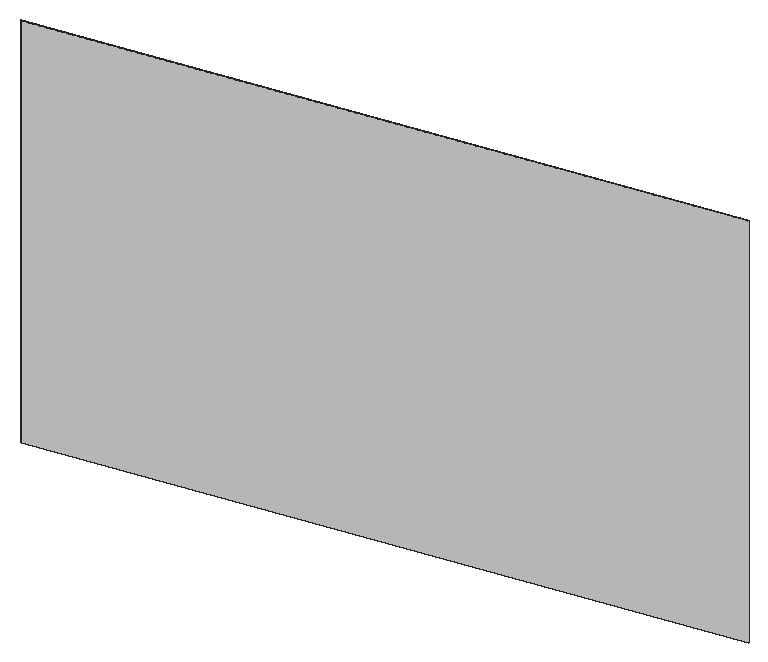
Revit family "Fence - Chain Link", category 난간동자, Revit 2026
Family settings
  항상 수직 = 예
  로드될 때 보이드를 사용하여 절단 = 아니오
  공유 = 아니오
Parameters (values of type "1800mm Wide")
  Width = 1800 mm
  built-in parameter 1008623 [instance] = (empty or 0)
  built-in parameter 1008625 [instance] = 32.47°
  Post = no
  built-in parameter 1008624 [instance] = (empty or 0)
  built-in parameter 1008622 [instance] = 750 mm
Reference planes
  plane 1 "Center (Front/Back)": y = 0
  plane 2: z = 0
  plane 3 "Center (Left/Right)": x = 0
  plane 4 "Top": z = 750
  plane 5 "Top Cut Angle": through (0, 339.699, 533.838) normal (0, -0.5369, -0.8437)
  plane 6 "Bottom Cut Angle": through (0, 0, 0) normal (0, -0.5369, -0.8437)
  plane 7 "Front": y = 900
  plane 8 "Back": y = -900
Forms (mm)
  Extrusion 1, solid, material "Fence - ChainLink"
    sketch origin (0, 0, 0) x (0, 1, 0) y (0, 0, 1)
      loop
        line (-900, 572.701) -> (900, -572.701) -> (900, 177.299) -> (-900, 1322.701) -> (-900, 572.701)
    from -1.5 to 1.5
Text (mm)
  text "Baluster Panel Elevation" at (0, 774.199, 1016.929), in view "Left"
Dimensions and locks
  "built-in parameter 1008622": plane 2 to plane 4 "Top"
  equal spacing: plane 7 "Front", plane 1 "Center (Front/Back)", plane 8 "Back"
  "Width": plane 7 "Front" to plane 8 "Back"
  "built-in parameter 1008625": angle plane 4 "Top" to plane 5 "Top Cut Angle"
  "built-in parameter 1008625": angle level to plane 6 "Bottom Cut Angle"
  aligned and locked: plane 8 "Back" to Extrusion 1 sketch curve
  aligned and locked: Extrusion 1 sketch curve to plane 7 "Front"
  aligned and locked: Extrusion 1 sketch curve to plane 5 "Top Cut Angle"
  aligned and locked: Extrusion 1 sketch curve to plane 6 "Bottom Cut Angle"
